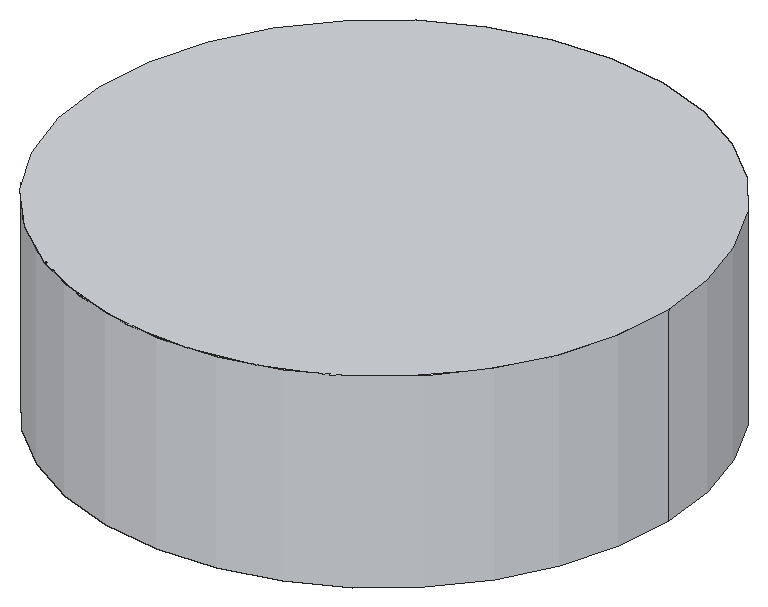
Revit family "其他点测点", category 常规模型, Revit 2016
Family settings
  零件类型 = 标准
  可将钢筋附着到主体 = 否
  圆形连接件大小 = 使用直径
  基于工作平面 = 否
  总是垂直 = 是
  加载时剪切的空心 = 否
  共享 = 否
  房间计算点 = 否
Parameters
  高度 = 100 mm
  直径 = 300 mm
  监测数据 [instance] = ""
  测点编号 [instance] = "PM01"
Reference planes
  plane 1 "中心(前/后)": y = 0
  plane 2: z = 0
  plane 3 "中心(左/右)": x = 0
Forms (mm)
  Extrusion 1, solid
    sketch origin (0, 0, 0) x (1, 0, 0) y (0, 1, 0)
      loop
        circle (0, 0) r 150
    from 0 to 100
Dimensions and locks
  "高度": Extrusion 1 to Extrusion 1
  "直径": diameter of Extrusion 1 sketch curve
  aligned and locked: level to plane 2
  aligned and locked: Extrusion 1 to level
Automatic sketch dimensions
  plane 1 "中心(前/后)" to Extrusion 1 sketch curve = 0 mm
  Extrusion 1 sketch curve to plane 3 "中心(左/右)" = 0 mm
